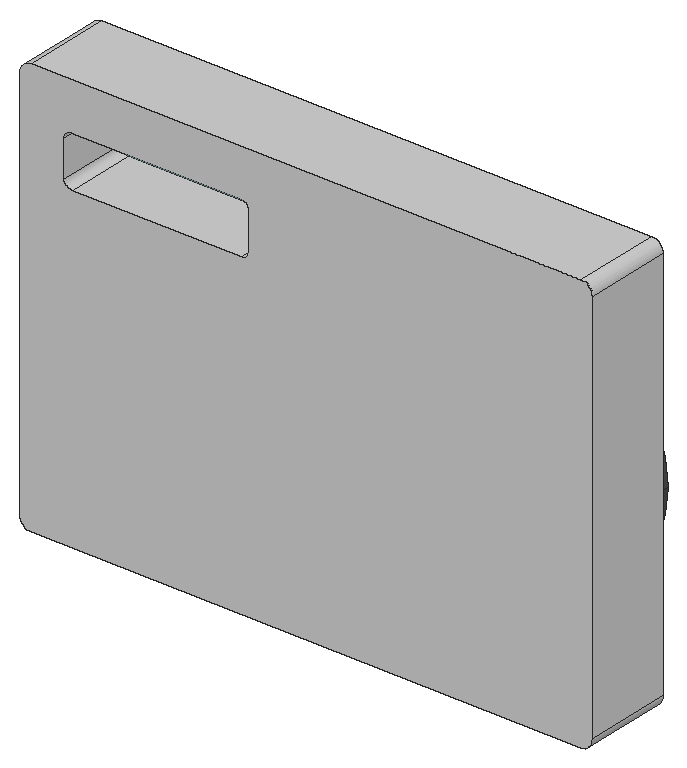
Revit family "Building-IEC309Connections-GEWISS-44IB-INTERLOCKED-SOCKET-OUTLETS_IP44_WITHOUT_BOTTOM", category Apparecchi elettrici, host Muro, Revit 2016
Family settings
  Host = Muro
  Mantenere orientamento annotazione = Sì
  Tipo di parte = Normale
  Quota connettore circolare = Usa diametro
  Numero OmniClass = 23.80.50.14
  Titolo OmniClass = Plug Connectors
  Sempre verticale = Sì
  Taglio con vuoti quando caricato = No
  Condiviso = No
  Punto di calcolo locali = No
Parameters (values of type "GW66122 - 32A 3P+N+E 500V H.INT.SOCK.O.N.B. 7H SBF")
  Working temperature = "-25 ÷ +40 °C"
  With back-mounting box = "No"
  Vista di pianta [instance] = yes
  Vetro = GEWISS - vetro
  Version file RFA = "18.0"
  URL = "https://www.gewiss.com/ww/en"
  Typology = "Horizontal"
  Tipo simbolo = PRESAIND : 3P
  Thermo-pressure with ball = "125 °C"
  Technical sheet = "https://www.gewiss.com/ww/en/search?q=GW66122"
  Struttura = GEWISS - Grigio RAL - 7035
  Simbolo [instance] = yes
  Shock resistance = "IK08"
  SEO = "Socket outlet"
  Reference h = "7"
  Realized by GEWISS S.p.A. = ""
  Rated voltage = "480-500V"
  Rated frequency (Hz) = "50/60 Hz"
  Rated current (In) = "32"
  Rated current (A) = "32"
  Protection = "NO (SBF)"
  Produttore = "GEWISS S.p.A."
  Presa = GEWISS - NERO
  Potenza = 500 V
  Operating temperature: = "-25 +40 °C"
  Numero poli = 3
  Number of poles = "3P+N+E"
  No. of poles = "3P+N+E"
  Modello = "GW66122"
  Immagine tipo = GW66110.jpg
  IP degree = "IP44"
  IFC.TypeObject = ""
  IFC.ExportType = ""
  IFC.ExportAs = ""
  IDT = "ec1a1901-e242-435b-8cd0-c029da0151fc"
  IDF = "e04837b6-ddbd-45f3-abac-050fc58771e5"
  Glow wire test: = "850 °C (active parts) - 650 °C (passive parts)"
  Glow Wire Test = "850 °C (active parts) - 650 °C (passive parts)"
  Frequency = "50/60 Hz"
  Electrocod = "2220"
  EAN code = "8011564029286"
  Distanza orizzontale del simbolo [instance] = 0 mm
  Distanza dal muro [instance] = 0 mm
  Descrizione = "32A 3P+N+E 500V H.INT.SOCK.O.N.B. 7H SBF"
  Cornice simbolo [instance] = yes
  Colour: = "Black"
  Colour = "Black"
  Classificazione carico = Altro
  Catalogue Range = "44 IB"
  Catalogue = "BUILDING"
  Carico apparente = 0 VA
  COBie.Tagnumber = ""
  COBie.CreatedOn = ""
  COBie.CreatebBy = ""
  COBie.ComponentRegisterItemID = ""
  COBie.Component.TagNumber = ""
  COBie.Component.Space = ""
  COBie.Component.SerialNumber = ""
  COBie.Component.InstallationDate = ""
  COBie.Component.Description = ""
  COBie.Component.BarCode = ""
  Altezza da terra = 820 mm
Types (22, lengths in mm): name | Tipo simbolo | Technical sheet | Reference h | Rated voltage | Rated current (In) | Rated current (A) | Presa | Potenza | Numero poli | Number of poles | No. of poles | Modello | Immagine tipo | IDT | EAN code | Descrizione | Colour: | Colour
  GW66101 - 16A 2P+E 110V H.INT.SOCK.O.N.B. 4H SBF | PRESAIND : 2P | "https://www.gewiss.com/ww/en/search?q=GW66101" | "4" | "100-130V" | "16" | "16" | GEWISS - GIALLO | 110 V | 2 | "2P+E" | "2P+E" | "GW66101" | GW66101.jpg | "2c57154b-6e8f-4376-a74e-49afbf6dba93" | "8011564029071" | "16A 2P+E 110V H.INT.SOCK.O.N.B. 4H SBF" | "Yellow" | "Yellow"
  GW66102 - 16A 3P+E 110V H.INT.SOCK.O.N.B. 4H SBF | PRESAIND : 3P | "https://www.gewiss.com/ww/en/search?q=GW66102" | "4" | "100-130V" | "16" | "16" | GEWISS - GIALLO | 110 V | 3 | "3P+E" | "3P+E" | "GW66102" | GW66101.jpg | "2e4dcdfe-6199-4545-9901-9bd4a19a4244" | "8011564029088" | "16A 3P+E 110V H.INT.SOCK.O.N.B. 4H SBF" | "Yellow" | "Yellow"
  GW66103 - 16A 3P+N+E 110V H.INT.SOCK.O.N.B. 4H SBF | PRESAIND : 3P | "https://www.gewiss.com/ww/en/search?q=GW66103" | "4" | "100-130V" | "16" | "16" | GEWISS - GIALLO | 110 V | 3 | "3P+N+E" | "3P+N+E" | "GW66103" | GW66101.jpg | "0e5336a2-8baf-4959-8192-12b888eb230a" | "8011564029095" | "16A 3P+N+E 110V H.INT.SOCK.O.N.B. 4H SBF" | "Yellow" | "Yellow"
  GW66104 - 16A 2P+E 230V H.INT.SOCK.O.N.B. 6H SBF | PRESAIND : 2P | "https://www.gewiss.com/ww/en/search?q=GW66104" | "6" | "200-250V" | "16" | "16" | GEWISS -BLU | 230 V | 2 | "2P+E" | "2P+E" | "GW66104" | GW66104.jpg | "faebfb30-8dbf-4413-992a-bb2ae1c264e7" | "8011564029101" | "16A 2P+E 230V H.INT.SOCK.O.N.B. 6H SBF" | "Blue" | "Blue"
  GW66105 - 16A 3P+E 230V H.INT.SOCK.O.N.B. 9H SBF | PRESAIND : 3P | "https://www.gewiss.com/ww/en/search?q=GW66105" | "9" | "200-250V" | "16" | "16" | GEWISS -BLU | 230 V | 3 | "3P+E" | "3P+E" | "GW66105" | GW66104.jpg | "81b5f5ee-9308-41bc-b5f0-8b8ad92b0aaa" | "8011564029118" | "16A 3P+E 230V H.INT.SOCK.O.N.B. 9H SBF" | "Blue" | "Blue"
  GW66106 - 16A 3P+N+E 230V H.INT.SOCK.O.N.B. 9H SBF | PRESAIND : 3P | "https://www.gewiss.com/ww/en/search?q=GW66106" | "9" | "200-250V" | "16" | "16" | GEWISS -BLU | 230 V | 3 | "3P+N+E" | "3P+N+E" | "GW66106" | GW66104.jpg | "3ba0a6b4-9b79-41e2-859e-a0e4b9216ad2" | "8011564029125" | "16A 3P+N+E 230V H.INT.SOCK.O.N.B. 9H SBF" | "Blue" | "Blue"
  GW66107 - 16A 2P+E 400V H.INT.SOCK.O.N.B. 9H SBF | PRESAIND : 2P | "https://www.gewiss.com/ww/en/search?q=GW66107" | "9" | "380-415V" | "16" | "16" | GW - ROSSO | 400 V | 2 | "2P+E" | "2P+E" | "GW66107" | GW66107.jpg | "2c082bb2-9b14-4527-90ca-9b3a4cddb2d8" | "8011564029132" | "16A 2P+E 400V H.INT.SOCK.O.N.B. 9H SBF" | "Red" | "Red"
  GW66108 - 16A 3P+E 400V H.INT.SOCK.O.N.B. 6H SBF | PRESAIND : 3P | "https://www.gewiss.com/ww/en/search?q=GW66108" | "6" | "380-415V" | "16" | "16" | GW - ROSSO | 400 V | 3 | "3P+E" | "3P+E" | "GW66108" | GW66107.jpg | "af3b7597-9b04-4bd2-8853-f24eeaf5e48f" | "8011564029149" | "16A 3P+E 400V H.INT.SOCK.O.N.B. 6H SBF" | "Red" | "Red"
  GW66109 - 16A 3P+N+E 400V H.INT.SOCK.O.N.B. 6H SBF | PRESAIND : 3P | "https://www.gewiss.com/ww/en/search?q=GW66109" | "6" | "380-415V" | "16" | "16" | GW - ROSSO | 400 V | 3 | "3P+N+E" | "3P+N+E" | "GW66109" | GW66107.jpg | "fc1599a9-e022-48eb-bcb1-8fa93df7b1e3" | "8011564029156" | "16A 3P+N+E 400V H.INT.SOCK.O.N.B. 6H SBF" | "Red" | "Red"
  GW66110 - 16A 3P+E 500V H.INT.SOCK.O.N.B. 7H SBF | PRESAIND : 3P | "https://www.gewiss.com/ww/en/search?q=GW66110" | "7" | "480-500V" | "16" | "16" | GEWISS - NERO | 500 V | 3 | "3P+E" | "3P+E" | "GW66110" | GW66110.jpg | "e0f76f22-e4a4-4e83-9e50-8da0e47f48b1" | "8011564029163" | "16A 3P+E 500V H.INT.SOCK.O.N.B. 7H SBF" | "Black" | "Black"
  GW66111 - 16A 3P+N+E 500V H.INT.SOCK.O.N.B. 7H SBF | PRESAIND : 3P | "https://www.gewiss.com/ww/en/search?q=GW66111" | "7" | "480-500V" | "16" | "16" | GEWISS - NERO | 500 V | 3 | "3P+N+E" | "3P+N+E" | "GW66111" | GW66110.jpg | "903b2cdf-f064-43a9-9ae1-8c35cb1cb176" | "8011564029170" | "16A 3P+N+E 500V H.INT.SOCK.O.N.B. 7H SBF" | "Black" | "Black"
  GW66112 - 32A 2P+E 110V H.INT.SOCK.O.N.B. 4H SBF | PRESAIND : 2P | "https://www.gewiss.com/ww/en/search?q=GW66112" | "4" | "100-130V" | "32" | "32" | GEWISS - GIALLO | 110 V | 2 | "2P+E" | "2P+E" | "GW66112" | GW66101.jpg | "749920ba-19e1-47a4-a17a-b0e2217c7bad" | "8011564029187" | "32A 2P+E 110V H.INT.SOCK.O.N.B. 4H SBF" | "Yellow" | "Yellow"
  GW66113 - 32A 3P+E 110V H.INT.SOCK.O.N.B. 4H SBF | PRESAIND : 3P | "https://www.gewiss.com/ww/en/search?q=GW66113" | "4" | "100-130V" | "32" | "32" | GEWISS - GIALLO | 110 V | 3 | "3P+E" | "3P+E" | "GW66113" | GW66101.jpg | "c88273c0-7f52-4e46-a9a1-7f2195d0b7ec" | "8011564029194" | "32A 3P+E 110V H.INT.SOCK.O.N.B. 4H SBF" | "Yellow" | "Yellow"
  GW66114 - 32A 3P+N+E 110V H.INT.SOCK.O.N.B. 4H SBF | PRESAIND : 3P | "https://www.gewiss.com/ww/en/search?q=GW66114" | "4" | "100-130V" | "32" | "32" | GEWISS - GIALLO | 110 V | 3 | "3P+N+E" | "3P+N+E" | "GW66114" | GW66101.jpg | "2264f94a-7d95-4e36-bee5-84696e94de13" | "8011564029200" | "32A 3P+N+E 110V H.INT.SOCK.O.N.B. 4H SBF" | "Yellow" | "Yellow"
  GW66115 - 32A 2P+E 230V H.INT.SOCK.O.N.B. 6H SBF | PRESAIND : 2P | "https://www.gewiss.com/ww/en/search?q=GW66115" | "6" | "200-250V" | "32" | "32" | GEWISS -BLU | 230 V | 2 | "2P+E" | "2P+E" | "GW66115" | GW66104.jpg | "47a8f7f1-c2bc-428f-a89f-26416ded35eb" | "8011564029217" | "32A 2P+E 230V H.INT.SOCK.O.N.B. 6H SBF" | "Blue" | "Blue"
  GW66116 - 32A 3P+E 230V H.INT.SOCK.O.N.B. 9H SBF | PRESAIND : 3P | "https://www.gewiss.com/ww/en/search?q=GW66116" | "9" | "200-250V" | "32" | "32" | GEWISS -BLU | 230 V | 3 | "3P+E" | "3P+E" | "GW66116" | GW66104.jpg | "20c6167c-6b5c-4afd-aac7-f67b2c8f6ac6" | "8011564029224" | "32A 3P+E 230V H.INT.SOCK.O.N.B. 9H SBF" | "Blue" | "Blue"
  GW66117 - 32A 3P+N+E 230V H.INT.SOCK.O.N.B. 9H SBF | PRESAIND : 3P | "https://www.gewiss.com/ww/en/search?q=GW66117" | "9" | "200-250V" | "32" | "32" | GEWISS -BLU | 230 V | 3 | "3P+N+E" | "3P+N+E" | "GW66117" | GW66104.jpg | "47a486cd-2530-4901-b8a5-b20901af88fe" | "8011564029231" | "32A 3P+N+E 230V H.INT.SOCK.O.N.B. 9H SBF" | "Blue" | "Blue"
  GW66118 - 32A 2P+E 400V H.INT.SOCK.O.N.B. 9H SBF | PRESAIND : 2P | "https://www.gewiss.com/ww/en/search?q=GW66118" | "9" | "380-415V" | "32" | "32" | GW - ROSSO | 400 V | 2 | "2P+E" | "2P+E" | "GW66118" | GW66107.jpg | "d1a211ec-03be-4af2-b4f9-57595c497a65" | "8011564029248" | "32A 2P+E 400V H.INT.SOCK.O.N.B. 9H SBF" | "Red" | "Red"
  GW66119 - 32A 3P+E 400V H.INT.SOCK.O.N.B. 6H SBF | PRESAIND : 3P | "https://www.gewiss.com/ww/en/search?q=GW66119" | "6" | "380-415V" | "32" | "32" | GW - ROSSO | 400 V | 3 | "3P+E" | "3P+E" | "GW66119" | GW66107.jpg | "a2350075-c39d-4262-98a6-6289c475db69" | "8011564029255" | "32A 3P+E 400V H.INT.SOCK.O.N.B. 6H SBF" | "Red" | "Red"
  GW66120 - 32A 3P+N+E 400V H.INT.SOCK.O.N.B. 6H SBF | PRESAIND : 3P | "https://www.gewiss.com/ww/en/search?q=GW66120" | "6" | "380-415V" | "32" | "32" | GW - ROSSO | 400 V | 3 | "3P+N+E" | "3P+N+E" | "GW66120" | GW66107.jpg | "5a64aadd-fef6-49dc-9dc0-17085a4eb21a" | "8011564029262" | "32A 3P+N+E 400V H.INT.SOCK.O.N.B. 6H SBF" | "Red" | "Red"
  GW66121 - 32A 3P+E 500V H.INT.SOCK.O.N.B. 7H SBF | PRESAIND : 3P | "https://www.gewiss.com/ww/en/search?q=GW66121" | "7" | "480-500V" | "32" | "32" | GEWISS - NERO | 500 V | 3 | "3P+E" | "3P+E" | "GW66121" | GW66110.jpg | "557280e8-54a0-4450-88e5-b21a67709d85" | "8011564029279" | "32A 3P+E 500V H.INT.SOCK.O.N.B. 7H SBF" | "Black" | "Black"
  GW66122 - 32A 3P+N+E 500V H.INT.SOCK.O.N.B. 7H SBF | PRESAIND : 3P | "https://www.gewiss.com/ww/en/search?q=GW66122" | "7" | "480-500V" | "32" | "32" | GEWISS - NERO | 500 V | 3 | "3P+N+E" | "3P+N+E" | "GW66122" | GW66110.jpg | "ec1a1901-e242-435b-8cd0-c029da0151fc" | "8011564029286" | "32A 3P+N+E 500V H.INT.SOCK.O.N.B. 7H SBF" | "Black" | "Black"
Reference planes
  plane 1 "Muro": y = 0
  plane 2 "Centro (Sinistra/Destra)": x = 125
  plane 3 "Indietro": y = 75
  plane 4: z = 820
  plane 5: x = 125
Lines and regions (mm)
  Masking region 1, visible <- "Vista di pianta"
    outline origin (0, -64, 0) x (1, 0, 0) y (0, 1, 0)
      loop
        line (54.577, 162) -> (103.953, 162) -> (103.953, 170) -> (54.577, 170) -> (54.577, 162)
      loop
        line (126.634, 170) -> (126.634, 162) -> (194.527, 162) -> (194.527, 170) -> (126.634, 170)
  Masking region 2, visible <- "Vista di pianta"
    outline origin (0, -64, 0) x (1, 0, 0) y (0, 1, 0)
      loop
        line (50.25, 162) -> (50.25, 139) -> (199.75, 139) -> (199.75, 162) -> (50.25, 162)
  Masking region 3
    outline origin (125, -64, 0) x (0, 1, 0) y (0, 0, 1)
      loop
        line (162, 916.928) -> (162, 829.448) -> (174.049, 829.448) -> (174.049, 916.928) -> (162, 916.928)
  Masking region 4
    outline origin (125, -64, 0) x (0, 1, 0) y (0, 0, 1)
      loop
        line (162, 932.25) -> (139, 932.25) -> (139, 822.772) -> (162, 822.772) -> (162, 932.25)
Text (mm)
  text "Lato posizionamento" at (-1848.837, 1116.779, 0), in view "Livello rif."
  text "Lato posizionamento" at (0, 1409.804, 2854.306), in view "Sinistra"
  text "Lato posizionamento" at (0, 499.811, 2980.732), in view "Destra"
Dimensions and locks
  locked: plane 3 "Indietro" to host wall
  "Altezza da terra": level to plane 4
  "Distanza orizzontale del simbolo": plane 5 to plane 2 "Centro (Sinistra/Destra)"
  aligned and locked: plane 1 "Muro" to host wall
  aligned and locked: plane 2 "Centro (Sinistra/Destra)" to nested 2
  aligned and locked: nested 2 to plane 4
  aligned and locked: plane 4 to nested 1
  aligned and locked: plane 5 to nested 3
  aligned and locked: plane 3 "Indietro" to nested 1
  aligned and locked: nested 1 to host wall
Automatic sketch dimensions
  Masking region 1 sketch curve to plane 2 "Centro (Sinistra/Destra)" = 21.047 mm
  plane 2 "Centro (Sinistra/Destra)" to Masking region 1 sketch curve = 1.634 mm
  Masking region 1 sketch curve to Masking region 1 sketch curve = 67.893 mm
  Masking region 1 sketch curve to Masking region 1 sketch curve = 0 mm
  Masking region 1 sketch curve to Masking region 1 sketch curve = 8 mm  (x2)
  Masking region 2 sketch curve to plane 2 "Centro (Sinistra/Destra)" = 74.75 mm
  plane 2 "Centro (Sinistra/Destra)" to Masking region 2 sketch curve = 74.75 mm
  host wall to Masking region 2 sketch curve = 0 mm
  Masking region 2 sketch curve to Masking region 2 sketch curve = 23 mm
  Masking region 3 sketch curve to Masking region 3 sketch curve = 12.049 mm
  plane 4 to Masking region 3 sketch curve = 9.448 mm
  Masking region 3 sketch curve to Masking region 3 sketch curve = 87.48 mm
  host wall to Masking region 4 sketch curve = 0 mm
  plane 4 to Masking region 4 sketch curve = 2.772 mm
  Masking region 4 sketch curve to Masking region 4 sketch curve = 23 mm
  Masking region 4 sketch curve to Masking region 4 sketch curve = 109.478 mm
  Masking region 1 sketch curve to Masking region 1 sketch curve = 49.376 mm
  host wall to Masking region 1 sketch curve = 23 mm
  host wall to Masking region 3 sketch curve = 23 mm
Nested families
  nested 1: "IB PRESE INTERBLOC ORIZ_BASE" at (125, 11, 233.117) x (-1, 0, 0) z (0, 0, 1), type "IB PRESE INTERBLOC ORIZ_BASE"
  nested 2: "2D - IB PRESE INTERBLOC ORIZ IP44" at (125, 0, 877.5) x (-1, 0, 0) z (0, -1, 0), type "BIDIMENSIONALE"
  nested 3: "PRESAIND" at (125, 75, 0), type <- "Tipo simbolo", Distanza dal muro <- "Distanza dal muro", BORDO ACCESO <- "Cornice simbolo", SIMBOLO ACCESO <- "Simbolo", type "3P"
    with SIMBOLO ACCESO yes, Distanza dal muro 0 mm, BORDO ACCESO yes
Connectors
  electrical at (125, 107, 820), driven by "Numero poli", driven by "Classificazione carico", driven by "Potenza", driven by "Carico apparente"
    settings: on nested 1, index 1, voltage 500 V, apparent load 0 VA, apparent load phase1 0 VA, apparent load phase2 0 VA, apparent load phase3 0 VA, power factor 1, load classification "Altro", number of poles 3, system type 31, power factor state 1, is connector primary yes, connector utility no, sub classification motor no, connector description ""
Definition of nested family "IB PRESE INTERBLOC ORIZ_BASE"
  Parameters (values of type "IB PRESE INTERBLOC ORIZ_BASE")
    Vetro = none
    Struttura = none
    Spessore = 160 mm
    Default Elevation = 14 mm
    Presa = none
    Lunghezza = 155 mm
    IFC.TypeObject = ""
    IFC.ExportType = ""
    IFC.ExportAs = ""
    H_da terra = 586.883 mm
    COBie.CreatedOn = ""
    COBie.CreatebBy = ""
    COBie.ComponentRegisterItemID = ""
    COBie.Component.TagNumber = ""
    COBie.Component.Space = ""
    COBie.Component.SerialNumber = ""
    COBie.Component.InstallationDate = ""
    COBie.Component.Description = ""
    COBie.Component.BarCode = ""
    Altezza = 115 mm
  Reference planes
    plane 1 "Centro (Fronte/Retro)": y = 0
    plane 2: z = 0
    plane 3 "Centro (Sinistra/Destra)": x = 0
    plane 4: y = -64
    plane 5: x = -77.5
    plane 6: z = 701.883
    plane 7: x = 77.5
    plane 8: z = 586.883
    plane 9: z = 699.133
    plane 10: x = -74.75
    plane 11: z = 589.633
    plane 12: x = 74.75
    plane 13: y = -87
    plane 14: y = -95
  Forms (mm)
    Extrusion 1, solid, material <- "Struttura"
      sketch origin (0, 0, 0) x (1, 0, 0) y (0, 0, 1)
        loop
          line (-74.75, 696.134) -> (-74.75, 592.633)
          arc (-74.75, 592.633) -> (-73.872, 590.512) -> (-71.751, 589.633) r 3
          line (-71.751, 589.633) -> (71.751, 589.633)
          arc (71.751, 589.633) -> (73.872, 590.512) -> (74.75, 592.633) r 3
          line (74.75, 592.633) -> (74.75, 696.134)
          arc (74.75, 696.134) -> (73.872, 698.255) -> (71.751, 699.133) r 3
          line (71.751, 699.133) -> (-71.751, 699.133)
          arc (-71.751, 699.133) -> (-73.872, 698.255) -> (-74.75, 696.134) r 3
      from 64 to 87
    Extrusion 2, solid
      sketch origin (-5.662, 0, -72.439) x (1, 0, 0) y (0, 0, 1)
        loop
          circle (51.251, 703.105) r 24.739
        loop
          circle (51.251, 703.105) r 22.94
      from 87 to 95
    Extrusion 3, solid
      sketch origin (-5.662, 0, -72.439) x (1, 0, 0) y (0, 0, 1)
        loop
          arc (44.954, 681.047) -> (51.251, 680.165) -> (57.548, 681.047) r 22.94
          line (57.548, 681.047) -> (57.548, 725.164)
          arc (57.548, 725.164) -> (51.251, 726.045) -> (44.954, 725.164) r 22.94
          line (44.954, 725.164) -> (44.954, 681.047)
      from 87 to 95
    Extrusion 4, solid
      sketch origin (13.767, 0, -41.736) x (1, 0, 0) y (0, 0, 1)
        loop
          line (-45.177, 720.626) -> (-77.753, 720.626)
          arc (-77.753, 720.626) -> (-83.817, 718.114) -> (-86.328, 712.051) r 8.576
          line (-86.328, 712.051) -> (-86.328, 643.46)
          arc (-86.328, 643.46) -> (-83.818, 637.4) -> (-77.758, 634.89) r 8.57
          line (-77.758, 634.89) -> (-19.254, 634.89)
          arc (-19.254, 634.89) -> (-13.188, 637.402) -> (-10.675, 643.468) r 8.578
          line (-10.675, 643.468) -> (-10.675, 712.051)
          arc (-10.675, 712.051) -> (-13.187, 718.114) -> (-19.25, 720.626) r 8.575
          line (-19.25, 720.626) -> (-45.177, 720.626)
      from 87 to 87.989
    Extrusion 5, solid, material <- "Presa"
      sketch origin (13.767, 0, -41.736) x (1, 0, 0) y (0, 0, 1)
        loop
          circle (-49.336, 677.759) r 34.002
      from 87 to 95
    Extrusion 6, solid, material <- "Presa"
      sketch origin (13.767, 0, -41.736) x (1, 0, 0) y (0, 0, 1)
        loop
          line (-33.371, 725.547) -> (-63.631, 725.547) -> (-63.631, 647.738)
          arc (-63.631, 647.738) -> (-62.237, 643.203) -> (-58.535, 640.236) r 8.07
          arc (-58.535, 640.236) -> (-48.501, 638.067) -> (-38.467, 640.236) r 24.294
          arc (-38.467, 640.236) -> (-34.765, 643.203) -> (-33.371, 647.738) r 8.07
          line (-33.371, 647.738) -> (-33.371, 725.547)
      from 87 to 99.049
    Extrusion 7, solid, material <- "Vetro"
      sketch origin (0, 0, 0) x (1, 0, 0) y (0, 0, 1)
        loop
          arc (17.017, 686.883) -> (15.591, 686.292) -> (15, 684.866) r 2.017
          line (15, 684.866) -> (15, 675.232)
          arc (15, 675.232) -> (15.591, 673.805) -> (17.017, 673.214) r 2.017
          line (17.017, 673.214) -> (61.234, 673.214)
          arc (61.234, 673.214) -> (62.661, 673.805) -> (63.252, 675.232) r 2.017
          line (63.252, 675.232) -> (63.252, 684.866)
          arc (63.252, 684.866) -> (62.661, 686.292) -> (61.234, 686.883) r 2.017
          line (61.234, 686.883) -> (17.017, 686.883)
      from 82.324 to 87
    Extrusion 8, solid, not visible
      sketch origin (0, 0, 0) x (1, 0, 0) y (0, 0, 1)
        loop
          line (-45.177, 720.626) -> (-77.753, 720.626)
          arc (-77.753, 720.626) -> (-83.817, 718.114) -> (-86.328, 712.051) r 8.576
          line (-86.328, 712.051) -> (-86.328, 643.46)
          arc (-86.328, 643.46) -> (-83.818, 637.4) -> (-77.758, 634.89) r 8.57
          line (-77.758, 634.89) -> (-19.254, 634.89)
          arc (-19.254, 634.89) -> (-13.188, 637.402) -> (-10.675, 643.468) r 8.578
          line (-10.675, 643.468) -> (-10.675, 712.051)
          arc (-10.675, 712.051) -> (-13.187, 718.114) -> (-19.25, 720.626) r 8.575
          line (-19.25, 720.626) -> (-45.177, 720.626)
      from 87 to 87.989
    Extrusion 9, solid, material <- "Presa", not visible
      sketch origin (0, 0, 0) x (1, 0, 0) y (0, 0, 1)
        loop
          circle (-49.336, 677.759) r 34.002
      from 87 to 95
    Extrusion 10, solid, material <- "Presa", not visible
      sketch origin (0, 0, 0) x (1, 0, 0) y (0, 0, 1)
        loop
          line (-33.371, 725.547) -> (-63.631, 725.547) -> (-63.631, 647.738)
          arc (-63.631, 647.738) -> (-62.237, 643.203) -> (-58.535, 640.236) r 8.07
          arc (-58.535, 640.236) -> (-48.501, 638.067) -> (-38.467, 640.236) r 24.294
          arc (-38.467, 640.236) -> (-34.765, 643.203) -> (-33.371, 647.738) r 8.07
          line (-33.371, 647.738) -> (-33.371, 725.547)
      from 87 to 99.049
    Extrusion 11, solid, not visible
      sketch origin (0, 0, 0) x (1, 0, 0) y (0, 0, 1)
        loop
          circle (51.251, 703.105) r 24.739
        loop
          circle (51.251, 703.105) r 22.94
      from 87 to 95
    Extrusion 12, solid, not visible
      sketch origin (0, 0, 0) x (1, 0, 0) y (0, 0, 1)
        loop
          arc (44.954, 681.047) -> (51.251, 680.165) -> (57.548, 681.047) r 22.94
          line (57.548, 681.047) -> (57.548, 725.164)
          arc (57.548, 725.164) -> (51.251, 726.045) -> (44.954, 725.164) r 22.94
          line (44.954, 725.164) -> (44.954, 681.047)
      from 87 to 95
    Extrusion 13, void
      sketch origin (0, 0, 0) x (1, 0, 0) y (0, 0, 1)
        loop
          line (61.234, 686.883) -> (17.017, 686.883)
          arc (17.017, 686.883) -> (15.591, 686.292) -> (15, 684.866) r 2.017
          line (15, 684.866) -> (15, 675.232)
          arc (15, 675.232) -> (15.591, 673.805) -> (17.017, 673.214) r 2.017
          line (17.017, 673.214) -> (61.234, 673.214)
          arc (61.234, 673.214) -> (62.661, 673.805) -> (63.252, 675.232) r 2.017
          line (63.252, 675.232) -> (63.252, 684.866)
          arc (63.252, 684.866) -> (62.661, 686.292) -> (61.234, 686.883) r 2.017
      from 64 to 87
  Cuts and joins
    Extrusion 13 cuts Extrusion 1
  Dimensions and locks
    "H_da terra": plane 8 to plane 2
    "Altezza": plane 6 to plane 8
    equal spacing: plane 5, plane 3 "Centro (Sinistra/Destra)", plane 7
    "Lunghezza": plane 5 to plane 7
    locked: plane 1 "Centro (Fronte/Retro)" to plane 4 at 64
    locked: plane 5 to plane 10 at 2.75
    locked: plane 7 to plane 12 at 2.75
    locked: plane 6 to plane 9 at 2.75
    locked: plane 11 to plane 8 at 2.75
    locked: plane 4 to plane 13 at 23
    locked: plane 14 to plane 13 at 8
    locked: Extrusion 4 sketch curve to Extrusion 4 sketch curve at 75.653
    locked: Extrusion 4 to Extrusion 1 at 0.989
    plane 8 to Extrusion 7 = 100 mm
    locked: Extrusion 8 sketch curve to Extrusion 8 sketch curve at 75.653
    aligned and locked: level to plane 2
    aligned and locked: Extrusion 1 sketch curve to plane 10
    aligned and locked: Extrusion 1 sketch curve to plane 11
    aligned and locked: Extrusion 1 sketch curve to plane 9
    aligned and locked: Extrusion 1 sketch curve to plane 12
    aligned and locked: Extrusion 1 to plane 13
    aligned and locked: Extrusion 2 to Extrusion 1
    aligned and locked: plane 14 to Extrusion 2
    aligned and locked: plane 13 to Extrusion 3
    aligned and locked: plane 14 to Extrusion 3
    aligned and locked: plane 13 to Extrusion 4
    aligned and locked: plane 13 to Extrusion 5
    aligned and locked: plane 14 to Extrusion 5
    aligned and locked: plane 13 to Extrusion 6
    aligned and locked: Extrusion 7 to plane 13
    aligned and locked: Extrusion 13 to Extrusion 2
  Automatic sketch dimensions
    plane 10 to Extrusion 1 sketch curve = 3 mm
    Extrusion 1 sketch curve to Extrusion 1 sketch curve = 3 mm  (x2)
    Extrusion 1 sketch curve to plane 11 = 3 mm
    Extrusion 3 sketch curve to Extrusion 3 sketch curve = 6.297 mm
    Extrusion 3 sketch curve to Extrusion 3 sketch curve = 0 mm  (x5)
    Extrusion 3 sketch curve to Extrusion 3 sketch curve = 22.059 mm  (x2)
    Extrusion 4 sketch curve to Extrusion 4 sketch curve = 8.57 mm
    Extrusion 4 sketch curve to Extrusion 4 sketch curve = 8.576 mm
    Extrusion 4 sketch curve to Extrusion 4 sketch curve = 8.578 mm
    Extrusion 4 sketch curve to Extrusion 4 sketch curve = 32.575 mm
    Extrusion 4 sketch curve to Extrusion 4 sketch curve = 25.927 mm
    Extrusion 6 sketch curve to Extrusion 6 sketch curve = 8.07 mm
    Extrusion 6 sketch curve to Extrusion 6 sketch curve = 7.061 mm
    Extrusion 6 sketch curve to Extrusion 6 sketch curve = 14.122 mm
    Extrusion 6 sketch curve to Extrusion 6 sketch curve = 30.261 mm
    Extrusion 6 sketch curve to Extrusion 6 sketch curve = 63.187 mm
    Extrusion 6 sketch curve to Extrusion 6 sketch curve = 14.623 mm  (x2)
    Extrusion 6 sketch curve to Extrusion 6 sketch curve = 2.973 mm
    plane 3 "Centro (Sinistra/Destra)" to Extrusion 7 sketch curve = 15 mm
    Extrusion 7 sketch curve to Extrusion 7 sketch curve = 2.017 mm  (x2)
    Extrusion 7 sketch curve to plane 12 = 13.516 mm  (x2)
    Extrusion 7 sketch curve to plane 12 = 11.498 mm
    Extrusion 7 sketch curve to plane 11 = 83.581 mm
    Extrusion 7 sketch curve to Extrusion 7 sketch curve = 9.634 mm
    Extrusion 4 sketch curve to Extrusion 4 sketch curve = 8.575 mm  (x2)
    Extrusion 4 sketch curve to Extrusion 4 sketch curve = 68.591 mm
    Extrusion 8 sketch curve to Extrusion 8 sketch curve = 8.57 mm
    Extrusion 8 sketch curve to Extrusion 8 sketch curve = 8.576 mm
    Extrusion 8 sketch curve to Extrusion 8 sketch curve = 8.578 mm
    Extrusion 8 sketch curve to Extrusion 8 sketch curve = 32.575 mm
    Extrusion 8 sketch curve to Extrusion 8 sketch curve = 25.927 mm
    Extrusion 10 sketch curve to Extrusion 10 sketch curve = 8.07 mm
    Extrusion 10 sketch curve to Extrusion 10 sketch curve = 7.061 mm
    Extrusion 10 sketch curve to Extrusion 10 sketch curve = 14.122 mm
    Extrusion 10 sketch curve to Extrusion 10 sketch curve = 30.261 mm
    Extrusion 10 sketch curve to Extrusion 10 sketch curve = 63.187 mm
    Extrusion 10 sketch curve to Extrusion 10 sketch curve = 14.623 mm  (x2)
    Extrusion 10 sketch curve to Extrusion 10 sketch curve = 2.973 mm
    Extrusion 8 sketch curve to Extrusion 8 sketch curve = 8.575 mm  (x2)
    Extrusion 8 sketch curve to Extrusion 8 sketch curve = 68.591 mm
    Extrusion 2 sketch curve to Extrusion 2 sketch curve = 0 mm  (x4)
    Extrusion 12 sketch curve to Extrusion 12 sketch curve = 6.297 mm
    Extrusion 12 sketch curve to Extrusion 12 sketch curve = 0 mm  (x5)
    Extrusion 12 sketch curve to Extrusion 12 sketch curve = 22.059 mm  (x2)
    Extrusion 11 sketch curve to Extrusion 11 sketch curve = 0 mm  (x4)
    plane 3 "Centro (Sinistra/Destra)" to Extrusion 13 sketch curve = 15 mm
    Extrusion 13 sketch curve to Extrusion 13 sketch curve = 2.017 mm  (x3)
    Extrusion 13 sketch curve to plane 12 = 13.516 mm
    Extrusion 13 sketch curve to Extrusion 13 sketch curve = 0 mm
    plane 9 to Extrusion 13 sketch curve = 25.919 mm
    Extrusion 13 sketch curve to Extrusion 13 sketch curve = 9.634 mm
    radius of Extrusion 2 sketch curve = 24.739 mm
    radius of Extrusion 2 sketch curve = 22.94 mm
    radius of Extrusion 5 sketch curve = 34.002 mm
    radius of Extrusion 9 sketch curve = 34.002 mm
    radius of Extrusion 11 sketch curve = 24.739 mm
    radius of Extrusion 11 sketch curve = 22.94 mm
Definition of nested family "2D - IB PRESE INTERBLOC ORIZ IP44"
  Reference planes
    plane 1 "Centro (Fronte/Retro)": y = 0
    plane 2: z = 0
    plane 3 "Centro (Sinistra/Destra)": x = 0
  Lines and regions (mm)
    model lines, in view "Livello rif."
      curve 1: arc (-45.284, 15.349, 0) -> (-56.217, -6.517, 0) -> (-45.284, -28.383, 0) r 27.333
      curve 2: arc (-12.484, -28.383, 0) -> (-1.551, -6.517, 0) -> (-12.484, 15.349, 0) r 27.333
      curve 3: arc (-18.008, -38.156, 0) -> (-14.326, -35.386, 0) -> (-12.484, -31.163, 0) r 9.056
      curve 4: arc (-45.284, -31.163, 0) -> (-43.441, -35.386, 0) -> (-39.759, -38.156, 0) r 9.056
      curve 5: line (-45.284, 21.909, 0) -> (-12.484, 21.909, 0)
      curve 6: line (-12.484, -31.163, 0) -> (-12.484, 35.576, 0)
      curve 7: line (-12.484, 35.576, 0) -> (-45.284, 35.576, 0)
      curve 8: line (-45.284, 35.576, 0) -> (-45.284, -31.163, 0)
      curve 9: line (-39.759, -38.156, 0) -> (-18.008, -38.156, 0)
      curve 10: arc (8.375, 30.656, 0) -> (5.653, 37.227, 0) -> (-0.919, 39.949, 0) r 9.293
      curve 11: arc (-0.919, -43.509, 0) -> (5.653, -40.787, 0) -> (8.375, -34.216, 0) r 9.293
      curve 12: arc (-66.142, -34.216, 0) -> (-63.42, -40.787, 0) -> (-56.849, -43.509, 0) r 9.293
      curve 13: arc (-56.849, 39.949, 0) -> (-63.42, 37.227, 0) -> (-66.142, 30.656, 0) r 9.293
      curve 14: arc (-71.533, 57.5, 0) -> (-75.748, 55.754, 0) -> (-77.494, 51.539, 0) r 5.961
      curve 15: arc (71.539, -57.5, 0) -> (75.754, -55.754, 0) -> (77.5, -51.539, 0) r 5.961
      curve 16: arc (-77.494, -51.539, 0) -> (-75.748, -55.754, 0) -> (-71.533, -57.5, 0) r 5.961
      curve 17: arc (35.173, -35.007, 0) -> (41.429, -35.92, 0) -> (47.684, -35.007, 0) r 21.884
      curve 18: arc (35.279, 6.966, 0) -> (33.764, -14.017, 0) -> (35.173, -35.007, 0) r 151.339
      curve 19: arc (47.684, -35.007, 0) -> (49.094, -14.017, 0) -> (47.579, 6.966, 0) r 151.339
      curve 20: arc (47.579, 6.966, 0) -> (41.429, 7.848, 0) -> (35.279, 6.966, 0) r 21.884
      curve 21: arc (77.494, 51.539, 0) -> (75.748, 55.754, 0) -> (71.533, 57.5, 0) r 5.961
      curve 22: circle (41.101, -14.036, 0) r 27.142 normal (0, 0, 1)
      curve 23: circle (24.852, -14.036, 0) r 4.875 normal (0, 0, 1)
      curve 24: line (-56.849, 39.949, 0) -> (-0.919, 39.949, 0)
      curve 25: line (8.375, 30.656, 0) -> (8.375, -34.216, 0)
      curve 26: line (-0.919, -43.509, 0) -> (-56.849, -43.509, 0)
      curve 27: line (-56.849, -43.509, 0) -> (-0.919, -43.509, 0)
      curve 28: line (-66.142, -34.216, 0) -> (-66.142, 30.656, 0)
      curve 29: line (-77.494, 51.539, 0) -> (-77.494, -51.539, 0)
      curve 30: line (77.5, 51.539, 0) -> (77.5, -51.539, 0)
      curve 31: line (-71.533, 57.5, 0) -> (71.533, 57.5, 0)
      curve 32: line (-71.533, -57.5, 0) -> (71.539, -57.5, 0)
      curve 33: line (15.842, 20.226, 0) -> (15.842, 38.11, 0)
      curve 34: line (15.842, 38.11, 0) -> (63.533, 38.11, 0)
      curve 35: line (63.533, 38.11, 0) -> (63.533, 20.226, 0)
      curve 36: line (63.533, 20.226, 0) -> (15.842, 20.226, 0)
Definition of nested family "PRESAIND"
  Parameters (values of type "2P")
    SIMBOLO ACCESO [instance] = yes
    SIMBOLO = PRESAIND_BASE : 2P
    Distanza dal muro [instance] = 0 mm
    BORDO ACCESO [instance] = yes
  Types (2, lengths in mm): name | SIMBOLO
    2P | PRESAIND_BASE : 2P
    3P | PRESAIND_BASE : 3P
  Reference planes
    plane 1: y = 0
    plane 2: x = 0
  Dimensions and locks
    "Distanza dal muro": plane 1 to nested 1
    aligned and locked: plane 2 to nested 1
  Nested families
    nested 1: "PRESAIND_BASE" at (0, 0, 0), type <- "SIMBOLO", CORNICE SIMBOLO <- "BORDO ACCESO", visible <- "SIMBOLO ACCESO", type "2P"
  Definition of nested family "PRESAIND_BASE"
    Parameters (values of type "3P")
      CORNICE SIMBOLO [instance] = yes
      3P = yes
    Types (2, lengths in mm): name | 3P
      3P | yes
      2P | no
    Reference planes
      plane 1: y = 0
      plane 2: x = 0
    Lines and regions (mm)
      detail lines, visible <- "CORNICE SIMBOLO"
        curve 1: line (-0.9, 2.3, 0) -> (0.9, 2.3, 0)
        curve 2: line (0.9, 2.3, 0) -> (0.9, 0, 0)
        curve 3: line (0.9, 0, 0) -> (-0.9, 0, 0)
        curve 4: line (-0.9, 0, 0) -> (-0.9, 2.3, 0)
      detail lines, not visible
        curve 5: line (-2.443, 10.208, 0) -> (2.057, 10.208, 0)
        curve 6: line (2.057, 10.208, 0) -> (2.057, 4.208, 0)
        curve 7: line (2.057, 4.208, 0) -> (-2.443, 4.208, 0)
        curve 8: line (-2.443, 4.208, 0) -> (-2.443, 10.208, 0)
        curve 9: line (-2.043, 9.808, 0) -> (1.657, 9.808, 0)
        curve 10: line (1.657, 9.808, 0) -> (1.657, 4.608, 0)
        curve 11: line (1.657, 4.608, 0) -> (-2.043, 4.608, 0)
        curve 12: line (-2.043, 4.608, 0) -> (-2.043, 9.808, 0)
      detail lines
        curve 13: line (-0.45, 0.969, 0) -> (-0.167, 0.969, 0)
        curve 14: line (-0.167, 0.969, 0) -> (0.33, 1.829, 0)
        curve 15: line (0.33, 1.829, 0) -> (0.836, 1.536, 0)
        curve 16: line (-0.167, 0.969, 0) -> (-0.45, 0.478, 0)
        curve 17: line (-0.45, 0.478, 0) -> (-0.45, 2.241, 0)
        curve 18: line (0.135, 1.491, 0) -> (0.641, 1.199, 0)
        curve 19: line (-0.84, 0.478, 0) -> (-0.06, 0.478, 0)
        curve 20: line (-0.45, 0.852, 0) -> (-0.333, 0.969, 0)
        curve 21: line (-0.45, 0.783, 0) -> (-0.264, 0.969, 0)
        curve 22: line (-0.45, 0.714, 0) -> (-0.195, 0.969, 0)
        curve 23: line (-0.45, 0.645, 0) -> (-0.223, 0.872, 0)
        curve 24: line (-0.45, 0.576, 0) -> (-0.317, 0.709, 0)
        curve 26: arc (-0.84, 0.089, 0) -> (-0.45, 0.478, 0) -> (-0.06, 0.089, 0) r 0.39
      detail lines, visible <- "3P"
        curve 25: line (-0.06, 1.154, 0) -> (0.446, 0.861, 0)
